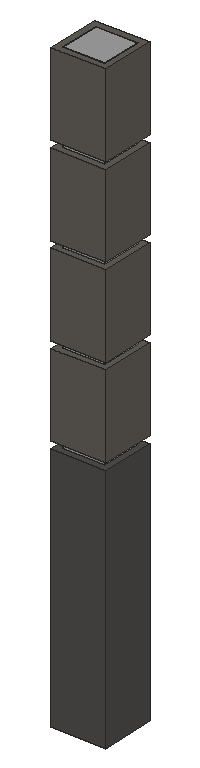
Revit family
Parameters (values of type "300 x 300 mm")
  Width = 300 mm
  Column Material = 기둥
Reference planes
  plane 1 "Center (Front/Back)": y = 0
  plane 2: z = 0
  plane 3 "Center (Left/Right)": x = 0
  plane 4 "Left": x = -150
  plane 5 "Right": x = 150
  plane 6 "Back": y = 150
  plane 7 "Front": y = -150
Forms (mm)
  Extrusion 1, solid, material "기둥" <- "Column Material"
    sketch origin (0, 0, 0) x (1, 0, 0) y (0, 1, 0)
      loop
        line (-150, 150) -> (-150, -150) -> (150, -150) -> (150, 150) -> (-150, 150)
    from 0 to 4400
  Extrusion 2, solid, material "화강석 4"
    sketch origin (0, 0, 0) x (1, 0, 0) y (0, 1, 0)
      loop
        line (-150, 150) -> (-150, -150) -> (150, -150) -> (150, 150) -> (-150, 150)
      loop
        line (-200, 200) -> (-200, -200) -> (200, -200) -> (200, 200) -> (-200, 200)
    from 0 to 1800
  Extrusion 3, solid, material "화강석3"
    sketch origin (0, 0, 0) x (1, 0, 0) y (0, 1, 0)
      loop
        line (-150, 150) -> (-150, -150) -> (150, -150) -> (150, 150) -> (-150, 150)
      loop
        line (-200, 200) -> (-200, -200) -> (200, -200) -> (200, 200) -> (-200, 200)
    from 1850 to 2450
  Extrusion 4, solid, material "화강석3"
    sketch origin (0, 0, 0) x (1, 0, 0) y (0, 1, 0)
      loop
        line (-150, 150) -> (-150, -150) -> (150, -150) -> (150, 150) -> (-150, 150)
      loop
        line (-200, 200) -> (-200, -200) -> (200, -200) -> (200, 200) -> (-200, 200)
    from 2500 to 3100
  Extrusion 5, solid, material "화강석3"
    sketch origin (0, 0, 0) x (1, 0, 0) y (0, 1, 0)
      loop
        line (-150, 150) -> (-150, -150) -> (150, -150) -> (150, 150) -> (-150, 150)
      loop
        line (-200, 200) -> (-200, -200) -> (200, -200) -> (200, 200) -> (-200, 200)
    from 3150 to 3750
  Extrusion 6, solid, material "화강석3"
    sketch origin (0, 0, 0) x (1, 0, 0) y (0, 1, 0)
      loop
        line (-150, 150) -> (-150, -150) -> (150, -150) -> (150, 150) -> (-150, 150)
      loop
        line (-200, 200) -> (-200, -200) -> (200, -200) -> (200, 200) -> (-200, 200)
    from 3800 to 4400
Lines and regions (mm)
  Masking region 1
    outline origin (0, 0, 0) x (1, 0, 0) y (0, 1, 0)
      loop
        line (-150, 150) -> (-150, -150) -> (150, -150) -> (150, 150) -> (-150, 150)
  symbolic lines
    curve 1: line (-150, 150, 0) -> (150, 150, 0)
    curve 2: line (-150, -150, 0) -> (-150, 150, 0)
    curve 3: line (150, -150, 0) -> (-150, -150, 0)
    curve 4: line (150, 150, 0) -> (150, -150, 0)
Dimensions and locks
  equal spacing: plane 4 "Left", plane 3 "Center (Left/Right)", plane 5 "Right"
  equal spacing: plane 7 "Front", plane 1 "Center (Front/Back)", plane 6 "Back"
  "Width": plane 4 "Left" to plane 5 "Right"
  "Width": plane 7 "Front" to plane 6 "Back"
  aligned and locked: plane 4 "Left" to Extrusion 1 sketch curve
  aligned and locked: plane 6 "Back" to Extrusion 1 sketch curve
  aligned and locked: plane 7 "Front" to Extrusion 1 sketch curve
  aligned and locked: plane 5 "Right" to Extrusion 1 sketch curve
  aligned and locked: curve 1 to Extrusion 1  (x2)
  aligned and locked: Extrusion 1 to curve 4
  aligned and locked: curve 4 to Extrusion 1
  aligned and locked: Masking region 1 sketch curve to Extrusion 1  (x3)
  aligned and locked: Extrusion 1 to Masking region 1 sketch curve
Automatic sketch dimensions
  Extrusion 2 sketch curve to plane 4 "Left" = 0 mm
  Extrusion 2 sketch curve to plane 5 "Right" = 0 mm
  Extrusion 2 sketch curve to plane 7 "Front" = 0 mm
  Extrusion 2 sketch curve to plane 6 "Back" = 0 mm
  plane 4 "Left" to Extrusion 2 sketch curve = 50 mm
  Extrusion 2 sketch curve to plane 5 "Right" = 50 mm
  plane 7 "Front" to Extrusion 2 sketch curve = 50 mm
  Extrusion 2 sketch curve to plane 6 "Back" = 50 mm
  Extrusion 3 sketch curve to plane 4 "Left" = 0 mm
  Extrusion 3 sketch curve to plane 5 "Right" = 0 mm
  Extrusion 3 sketch curve to plane 7 "Front" = 0 mm
  Extrusion 3 sketch curve to plane 6 "Back" = 0 mm
  plane 4 "Left" to Extrusion 3 sketch curve = 50 mm
  Extrusion 3 sketch curve to plane 5 "Right" = 50 mm
  plane 7 "Front" to Extrusion 3 sketch curve = 50 mm
  Extrusion 3 sketch curve to plane 6 "Back" = 50 mm
  Extrusion 4 sketch curve to plane 4 "Left" = 0 mm
  Extrusion 4 sketch curve to plane 5 "Right" = 0 mm
  Extrusion 4 sketch curve to plane 7 "Front" = 0 mm
  Extrusion 4 sketch curve to plane 6 "Back" = 0 mm
  plane 4 "Left" to Extrusion 4 sketch curve = 50 mm
  Extrusion 4 sketch curve to plane 5 "Right" = 50 mm
  plane 7 "Front" to Extrusion 4 sketch curve = 50 mm
  Extrusion 4 sketch curve to plane 6 "Back" = 50 mm
  Extrusion 5 sketch curve to plane 4 "Left" = 0 mm
  Extrusion 5 sketch curve to plane 5 "Right" = 0 mm
  Extrusion 5 sketch curve to plane 7 "Front" = 0 mm
  Extrusion 5 sketch curve to plane 6 "Back" = 0 mm
  plane 4 "Left" to Extrusion 5 sketch curve = 50 mm
  Extrusion 5 sketch curve to plane 5 "Right" = 50 mm
  plane 7 "Front" to Extrusion 5 sketch curve = 50 mm
  Extrusion 5 sketch curve to plane 6 "Back" = 50 mm
  Extrusion 6 sketch curve to plane 7 "Front" = 0 mm
  Extrusion 6 sketch curve to plane 6 "Back" = 0 mm
  Extrusion 6 sketch curve to plane 6 "Back" = 50 mm
  plane 4 "Left" to Extrusion 6 sketch curve = 50 mm
  Extrusion 6 sketch curve to Extrusion 6 sketch curve = 50 mm  (x2)
  Extrusion 6 sketch curve to Extrusion 6 sketch curve = 300 mm
  plane 7 "Front" to Extrusion 6 sketch curve = 50 mm
